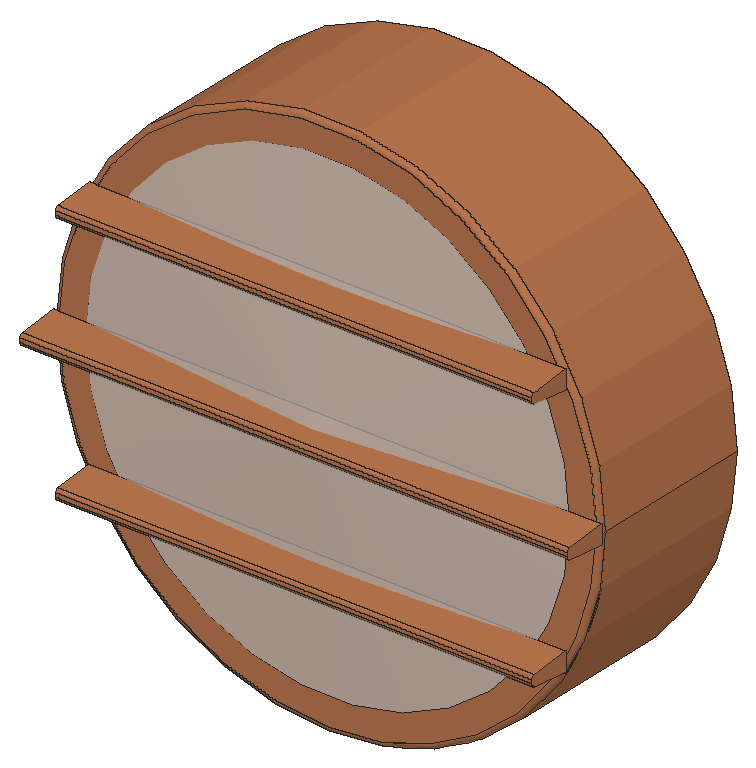
Revit family "G_Surface Mounted Bulkhead Fixture", category Lighting Fixtures, Revit 2013
Parameters
  Wattage = 12.1178 W
  built-in parameter 1150110 = 1 (stored number, unit not read)
  built-in parameter 1114217 = 1 (stored number, unit not read)
  Top Dia [instance] = 294.719 mm
  Tilt Angle = 90.00°
  built-in parameter 1150109 = 1 (stored number, unit not read)
  built-in parameter 1150134 = 3
  built-in parameter 1150113 = 1 (stored number, unit not read)
  built-in parameter 1010507 = 0.5236 (stored number, unit not read)
  built-in parameter 1010506 = 0.5236 (stored number, unit not read)
  Outer Dia [instance] = 400 mm
  Model = ""
  Manufacturer = ""
  built-in parameter 1150105 = 6018.4 (stored number, unit not read)
  Lumens = 1800 lm
  built-in parameter 1150115 = 1 (stored number, unit not read)
  Lt = Bright
  Load Classification = Ltg
  Light Type [instance] = "G"
  Light Source Symbol Length = 2000 mm
  built-in parameter 1150137 = (empty or 0)
  built-in parameter 1150139 = (empty or 0)
  Light Body = Light Body
  built-in parameter 1150112 = 1 (stored number, unit not read)
  built-in parameter 1150114 = 1 (stored number, unit not read)
  Lamp = "1x26W"
  built-in parameter 1150132 = 2
  built-in parameter 1150102 = (empty or 0)
  built-in parameter 1150107 = 3200 (stored number, unit not read)
  built-in parameter 1150138 = (empty or 0)
  built-in parameter 1150106 = 60.184 (stored number, unit not read)
  Height = 203.2 mm
  Finish = none
  built-in parameter 1150104 = 13.8 (stored number, unit not read)
  Dimming Lamp Color Temperature Shift = <None>
  Radius = 50.8 mm
  Color Filter = 16777215
  Bottom Dia [instance] = 199.505 mm
  built-in parameter 1114218 = 1 (stored number, unit not read)
  built-in parameter 1150133 = 10 (stored number, unit not read)
  Assembly Code = ""
  Apparent Load = 26 W
Reference planes
  plane 1 "Light Source Axis (F/B)": y = 0
  plane 2: z = 0
  plane 3 "Light Source Axis (L/R)": x = 3.349
  plane 4 "Light Source Elevation": z = 0
  plane 5: y = -90
Forms (mm)
  Extrusion 1, solid, material "Light Body" <- "Light Body"
    sketch origin (3.349, 0, 0.116) x (1, 0, 0) y (0, 0, -1)
      loop
        circle (0, 0) r 130
    from 0 to -80
  Revolve 2, solid, material "Bright" <- "Lt"
    sketch origin (3.349, 0, 0.116) x (0, -1, 0) y (1, 0, 0)
      loop
        line (90, 0) -> (80, 0) -> (80, -115)
        arc (80, -115) -> (87.614, -57.727) -> (90, 0) r 636.03
      axis (90, 0) -> (80, 0)
    angle from 0 to 360
  Extrusion 3, solid, material "Light Body" <- "Light Body"
    sketch origin (133.349, 0, 0.116) x (0, 0, 1) y (0, -1, 0)
      loop
        line (1.001, 100) -> (-0.985, 100)
        arc (-0.985, 100) -> (-2, 99.61) -> (-2.494, 98.641) r 1.517
        line (-2.494, 98.641) -> (-4.453, 80) -> (4.453, 80) -> (2.492, 98.657)
        arc (2.492, 98.657) -> (2.004, 99.615) -> (1.001, 100) r 1.5
    from 0 to -260
  Extrusion 4, solid, material "Light Body" <- "Light Body"
    sketch origin (133.349, 0, 0.116) x (0, 0, 1) y (0, -1, 0)
      loop
        line (-62.494, 98.641) -> (-64.453, 80) -> (-55.547, 80) -> (-57.508, 98.657)
        arc (-57.508, 98.657) -> (-57.996, 99.615) -> (-58.999, 100) r 1.5
        line (-58.999, 100) -> (-60.985, 100)
        arc (-60.985, 100) -> (-62, 99.61) -> (-62.494, 98.641) r 1.517
      loop
        line (57.506, 98.641) -> (55.547, 80) -> (64.453, 80) -> (62.492, 98.657)
        arc (62.492, 98.657) -> (62.004, 99.615) -> (61.001, 100) r 1.5
        line (61.001, 100) -> (59.015, 100)
        arc (59.015, 100) -> (58, 99.61) -> (57.506, 98.641) r 1.517
    from -17 to -243
  Revolve 5, void
    sketch origin (3.349, 0, 0.116) x (0, -1, 0) y (1, 0, 0)
      loop
        line (80, -130) -> (80, -127.5)
        arc (80, -127.5) -> (79.268, -129.268) -> (77.5, -130) r 2.5
        line (77.5, -130) -> (80, -130)
      axis (77.5, 0) -> (80, 0)
    angle from 0 to 360
Cuts and joins
  Revolve 5 cuts Extrusion 1
Dimensions and locks
  aligned: plane 3 "Light Source Axis (L/R)" to imposter light
  aligned: plane 4 "Light Source Elevation" to imposter light
Nested families
  nested 1: "EL_A" at (3.349, 0, 0) x (-1, 0, 0) z (0, 0, 1), type "EL_A"
Connectors
  electrical at (3.349, 0, 0.116), driven by "Load Classification"
    settings: on cut or joined group of Extrusion 1, Revolve 5, index 1, voltage 230 V, apparent load 0 W, apparent load phase1 26 W, apparent load phase2 0 W, apparent load phase3 0 W, power factor 0.9, load classification "Ltg", number of poles 1, system type 31, power factor state 1, is connector primary yes, connector utility no, sub classification motor no, connector description ""
Definition of nested family "EL_A"
  Reference planes
    plane 1: y = 0
    plane 2: x = 0
  Lines and regions (mm)
    detail lines, style "Lighting Symbols"
      curve 1: arc (1.5, 0, 0) -> (0, 1.5, 0) -> (-1.5, 0, 0) r 1.5
      curve 2: line (-1.5, 0, 0) -> (1.5, 0, 0)
      curve 3: line (0, 0, 0) -> (1.414, 1.414, 0)
      curve 4: line (0, 0, 0) -> (-1.414, 1.414, 0)
